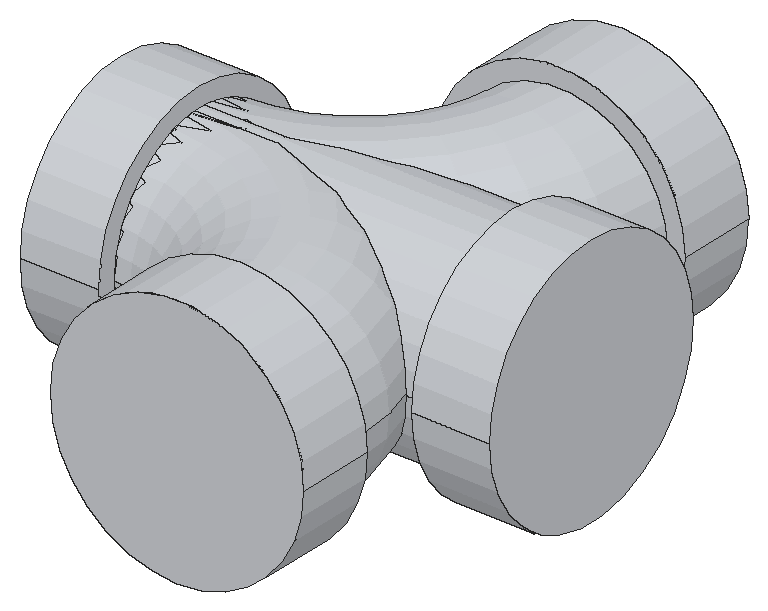
Revit family "f277dab67344472b8bc26386d9c3febf", category Pipe Fittings, Revit 2021
Family settings
  Round Connector Dimension = Use Radius
  Part Type = Cross
  OmniClass Number = 23.60.30.11.14
  OmniClass Title = Pipework Fittings
  Seek Item ID = Tee Double Sanitary - PVC - Sch 40 - DWV-0000-USA-ENU
  Work Plane-Based = No
  Always vertical = Yes
  Cut with Voids When Loaded = No
  Shared = No
Parameters (values of type "Standard")
  Wall Thickness [instance] = size_lookup(Lookup Table Name, "WThk", 0.02 * Nominal Diameter + 33/256", Nominal Diameter)  # 0.156"
  Tick Size [instance] = Fitting Outside Diameter * 0.4  # 0.76"
  Socket Outside Radius [instance] = Socket Outside Diameter / 2  # 1.1135"
  Socket Outside Diameter [instance] = Socket Entrance Diameter + Wall Thickness * 2  # 2.227"
  Socket Entrance Diameter [instance] = size_lookup(Lookup Table Name, "SED", 1.04 * Nominal Diameter + 95/256", Nominal Diameter)  # 1.915"
  Socket Depth [instance] = size_lookup(Lookup Table Name, "SDpt", 0.5 * Nominal Diameter, Nominal Diameter)  # 0.687"
  Socket Bottom to Socket Bottom Run [instance] = size_lookup(Lookup Table Name, "SBtSBR", 1.32 * Nominal Diameter + 233/256", Nominal Diameter)  # 2 3/4"
  Radius 4 [instance] = if(Length 9 = Socket Depth, Socket Outside Diameter / 2, Fitting Outside Radius)  # 1.1135"
  Radius 3 [instance] = if(Length 9 = Socket Depth, Socket Outside Radius, Fitting Outside Radius)  # 1.1135"
  Radius 2 [instance] = if(Length 8 = Socket Depth, Socket Outside Diameter / 2, Fitting Outside Radius)  # 1.1135"
  Radius 1 [instance] = if(Length 8 = Socket Depth, Socket Outside Radius, Fitting Outside Radius)  # 1.1135"
  Min Angle 12 [instance] = if(Angle 1 < Angle 2, Angle 1, Angle 2)  # 90.00°
  Loss Method = Not Defined
  Lookup Table Name = "Tee Double Sanitary - PVC - Sch 40 - DWV"
  Length 9 [instance] = if(Length 7 > Socket Outside Radius, Socket Depth, if((Socket Outside Radius * cos(Angle 2) + Socket Outside Radius - Length 5) / sin(Angle 2) > 1/8", (Socket Outside Radius * cos(Angle 2) + Socket Outside Radius - Length 5) / sin(Angle 2), 1/8"))  # 0.687"
  Length 8 [instance] = if(Length 6 > Socket Outside Radius, Socket Depth, if((Socket Outside Radius * cos(Angle 1) + Socket Outside Radius - Length 4) / sin(Angle 1) > 1/8", (Socket Outside Radius * cos(Angle 1) + Socket Outside Radius - Length 4) / sin(Angle 1), 1/8"))  # 0.687"
  Length 7 [instance] = Length 5 - Socket Outside Radius * cos(Angle 2)  # 1 3/4"
  Length 6 [instance] = Length 4 - Socket Outside Radius * cos(Angle 1)  # 1 3/4"
  Length 5 [instance] = Center Radius 2 * (1 - cos(Angle 2))  # 1 3/4"
  Length 4 [instance] = Center Radius 1 * (1 - cos(Angle 1))  # 1 3/4"
  Length 3 [instance] = if(Socket Bottom to Socket Bottom Run - Center to Socket Bottom Run > 1/8", Socket Bottom to Socket Bottom Run - Center to Socket Bottom Run, 1/8")  # 1"
  Length 2 [instance] = 0"  # constant formula
  Length 19 [instance] = if(Length 9 = Socket Depth, Socket Depth, Socket Depth + Length 9)  # 0.687"
  Length 18 [instance] = if(Length 8 = Socket Depth, Socket Depth, Socket Depth + Length 8)  # 0.687"
  Length 17 [instance] = Length 12 + 180"  # 181 3/4"
  Length 16 [instance] = Length 10 + 180"  # 181 3/4"
  Length 15 [instance] = if(Min Angle 12 < 90.00°, if(Center to Socket Bottom Branch Label + Length 3 > Length 14, Length 3, Length 14 - Center to Socket Bottom Branch Label), Length 3)  # 1"
  Length 14 [instance] = if(Length 10 > Length 12, Length 10 - cos(Angle 1) * Socket Depth + Socket Outside Radius * sin(Angle 1), Length 12 - cos(Angle 2) * Socket Depth + Socket Outside Radius * sin(Angle 2))  # 2.8635"
  Length 13 [instance] = if(Length 7 > Socket Outside Radius, Length 5 + Socket Depth * sin(Angle 2), Length 5 + (Length 9 + Socket Depth) * sin(Angle 2))  # 2.437"
  Length 12 [instance] = if(Length 7 > Socket Outside Radius, Center Radius 2 * sin(Angle 2) + Socket Depth * cos(Angle 2), Center Radius 2 * sin(Angle 2) + (Length 9 + Socket Depth) * cos(Angle 2))  # 1 3/4"
  Length 11 [instance] = if(Length 6 > Socket Outside Radius, Length 4 + Socket Depth * sin(Angle 1), Length 4 + (Length 8 + Socket Depth) * sin(Angle 1))  # 2.437"
  Length 10 [instance] = if(Length 6 > Socket Outside Radius, Center Radius 1 * sin(Angle 1) + Socket Depth * cos(Angle 1), Center Radius 1 * sin(Angle 1) + (Length 8 + Socket Depth) * cos(Angle 1))  # 1 3/4"
  Length 1 [instance] = if(Fitting Outside Radius * tan(Angle 1 / 2) > Fitting Outside Radius * tan(Angle 2 / 2), Fitting Outside Radius * tan(Angle 1 / 2), Fitting Outside Radius * tan(Angle 2 / 2))  # 0.95"
  Default Elevation = 0' - 0"
  Center Radius 1 [instance] = Center to Socket Bottom Branch Label / tan(Angle 1 / 2)  # 1 3/4"
  Nominal Radius [instance] = 3/4"
  Nominal Diameter [instance] = Nominal Radius * 2  # 1 1/2"
  Center Radius 2 [instance] = Center to Socket Bottom Branch Label / tan(Angle 2 / 2)  # 1 3/4"
  Center to Socket Bottom Branch Label [instance] = if(Length 1 < Center to Socket Bottom Branch, Center to Socket Bottom Branch, Length 1 + 1/8")  # 1 3/4"
  Fitting Outside Radius [instance] = Fitting Outside Diameter / 2  # 0.95"
  Fitting Outside Diameter [instance] = size_lookup(Lookup Table Name, "FOD", 1.04 * Nominal Diameter + 23/64", Nominal Diameter)  # 1.9"
  Center to Socket Bottom Run [instance] = Center to Socket Bottom Branch  # 1 3/4"
  Center to Socket Bottom Branch [instance] = size_lookup(Lookup Table Name, "CtSBB", 0.83 * Nominal Diameter + 73/128", Nominal Diameter)  # 1 3/4"
  Angle 2 [instance] = 90.00°
  Angle 1 [instance] = 90.00°
Reference planes (in)
  plane 1 "Center (Front/Back)": y = 0
  plane 2: z = 0
  plane 3 "Center (Left/Right)": x = 0
  plane 4: x = -1.75
  plane 5: y = 1.75
  plane 6: y = -1.75
  plane 7: x = -1.75
  plane 8: x = 1
  plane 9: x = -2.437
  plane 10: x = 1.687
  plane 11: x = -181.75
  plane 12: y = -2.437
  plane 13: x = 0
  plane 14: y = 2.437
  plane 15: x = 0
Forms (in)
  Sweep 1, solid, detail levels fine
    path in 3D
      loop
        arc (-1.75, 0, 0) -> (-0.51256, 0.51256, 0) -> (0, 1.75, 0) r 1.75
    profile origin (-0.51256, 0.51256, 0) x (-0.707107, 0.707107, 0) y (0, 0, 1)
      loop
        circle (0, 0) r 0.95
  Sweep 2, solid, detail levels fine
    path in 3D
      loop
        line (-2.437, 0, 0) -> (-1.75, 0, 0)
    profile origin (-2.0935, 0, 0) x (0, 1, 0) y (0, 0, 1)
      loop
        circle (0, 0) r 1.1135
  Sweep 3, solid, detail levels fine
    path in 3D
      loop
        line (1, 0, 0) -> (1.687, 0, 0)
    profile origin (1.3435, 0, 0) x (0, 1, 0) y (0, 0, 1)
      loop
        circle (0, 0) r 1.1135
  Blend 4, solid, detail levels fine
    base sketch origin (0, 0, 0) x (0, 1, 0) y (0, 0, 1)
      loop
        circle (0, 0) r 0.95
    top sketch origin (0, 0, 0) x (0, 1, 0) y (0, 0, 1)
      loop
        circle (0, 0) r 0.95
    from -1.75 to 1
  Sweep 5, solid, detail levels fine
    path in 3D
      loop
        line (0, 1.75, 0) -> (0, 2.437, 0)
    profile origin (0, 2.0935, 0) x (-1, 0, 0) y (0, 0, 1)
      loop
        circle (0, 0) r 1.1135
  Sweep 6, solid, detail levels fine
    path origin (0, 0, 0) x (1, 0, 0) y (0, 1, 0)
      loop
        line (0, 2.437) -> (0, 1.75)
    profile origin (0, 2.0935, 0) x (1, 0, 0) y (0, 0, 1)
      loop
        circle (0, 0) r 1.1135
  Sweep 7, solid, detail levels fine
    path in 3D
      loop
        arc (-1.75, 0, 0) -> (-0.51256, -0.51256, 0) -> (0, -1.75, 0) r 1.75
    profile origin (-0.51256, -0.51256, 0) x (0.707107, 0.707107, 0) y (0, 0, 1)
      loop
        circle (0, 0) r 0.95
  Sweep 8, solid, detail levels fine
    path in 3D
      loop
        line (0, -2.437, 0) -> (0, -1.75, 0)
    profile origin (0, -2.0935, 0) x (-1, 0, 0) y (0, 0, 1)
      loop
        circle (0, 0) r 0.95
  Sweep 9, solid, detail levels fine
    path origin (0, 0, 0) x (1, 0, 0) y (0, 1, 0)
      loop
        line (0, -2.437) -> (0, -1.75)
    profile origin (0, -2.0935, 0) x (-1, 0, 0) y (0, 0, 1)
      loop
        circle (0, 0) r 1.1135
Cuts and joins
  joined: Sweep 2, Sweep 3, Blend 4
  joined: Sweep 1, Sweep 5, Sweep 6
  joined: Sweep 7, Sweep 8, Sweep 9
Lines and regions (in)
  model lines, detail levels coarse+medium
    curve 1: arc (-1.75, 0, 0) -> (-0.51256, 0.51256, 0) -> (0, 1.75, 0) r 1.75
    curve 2: line (-1.75, 0, 0) -> (1, 0, 0)
    curve 4: line (0, 1.75, 0) -> (0, 2.437, 0)
    curve 5: line (-2.437, 0, 0) -> (-1.75, 0, 0)
    curve 7: line (1, 0, 0) -> (1.687, 0, 0)
    curve 9: line (-2.437, 0, 0) -> (-2.437, 0.76, 0)
    curve 10: line (-2.437, 0, 0) -> (-2.437, -0.76, 0)
    curve 11: line (1.687, 0, 0) -> (1.687, 0.76, 0)
    curve 12: line (1.687, 0, 0) -> (1.687, -0.76, 0)
    curve 14: line (0, 2.437, 0) -> (0.76, 2.437, 0)
    curve 15: line (0, 2.437, 0) -> (-0.76, 2.437, 0)
    curve 18: arc (-1.75, 0, 0) -> (-0.51256, -0.51256, 0) -> (0, -1.75, 0) r 1.75
    curve 19: line (0, -2.437, 0) -> (0, -1.75, 0)
    curve 22: line (0, -2.437, 0) -> (0.76, -2.437, 0)
    curve 23: line (0, -2.437, 0) -> (-0.76, -2.437, 0)
  sketch lines
    curve 3: arc (-1.75, 0, 0) -> (-0.51256, 0.51256, 0) -> (0, 1.75, 0) r 1.75
    curve 6: line (-2.437, 0, 0) -> (-1.75, 0, 0)
    curve 8: line (1, 0, 0) -> (1.687, 0, 0)
    curve 13: line (0, 1.75, 0) -> (0, 2.437, 0)
    curve 20: arc (-1.75, 0, 0) -> (-0.51256, -0.51256, 0) -> (0, -1.75, 0) r 1.75
    curve 21: line (0, -2.437, 0) -> (0, -1.75, 0)
  reference lines
    curve 16: line (-2.437, 0, 0) -> (-1.75, 0, 0)
    curve 17: line (0, 2.437, 0) -> (0, 1.75, 0)
Dimensions and locks (in)
  "Center to Socket Bottom Branch Label": plane 4 to plane 3 "Center (Left/Right)"
  "Center Radius 2": plane 5 to plane 1 "Center (Front/Back)"
  "Center Radius 1": plane 6 to plane 1 "Center (Front/Back)"
  "Length 19": curve 4 to curve 4
  "Socket Depth": plane 10 to plane 8
  "Socket Depth": plane 9 to plane 7
  "Length 2": plane 7 to plane 4
  "Length 15": plane 3 "Center (Left/Right)" to plane 8
  "Tick Size": plane 1 "Center (Front/Back)" to curve 9
  "Tick Size": curve 10 to plane 1 "Center (Front/Back)"
  equal spacing: curve 12, plane 1 "Center (Front/Back)", curve 11
  "Tick Size": curve 12 to plane 1 "Center (Front/Back)"
  "Length 11": plane 12 to plane 1 "Center (Front/Back)"
  "Length 13": plane 14 to plane 1 "Center (Front/Back)"
  "Tick Size": curve 14 to curve 14
  "Tick Size": curve 15 to curve 15
  locked: plane 11 to plane 4 at 180
  "Length 17": plane 11 to plane 15
  "Length 16": plane 11 to plane 13
  "Socket Depth": Sweep 6 sketch curve to Sweep 6 sketch curve
  "Length 18": curve 19 to curve 19
  "Socket Depth": Sweep 9 sketch curve to Sweep 9 sketch curve
  "Tick Size": curve 22 to curve 22
  "Tick Size": curve 23 to curve 23
  "Center Radius 2": radius of curve 1
  "Fitting Outside Radius": radius of Sweep 1 sketch curve
  "Socket Outside Radius": radius of Sweep 2 sketch curve
  "Socket Outside Radius": radius of Sweep 3 sketch curve
  "Fitting Outside Radius": radius of Blend 4 sketch curve  (x2)
  "Radius 3": radius of Sweep 5 sketch curve
  "Socket Outside Radius": radius of Sweep 6 sketch curve
  "Fitting Outside Radius": radius of Sweep 7 sketch curve
  "Fitting Outside Radius": radius of Sweep 8 sketch curve
  "Socket Outside Radius": radius of Sweep 9 sketch curve
  "Angle 2": angle curve 1 to curve 1
  "Angle 2": angle plane 1 "Center (Front/Back)" to curve 4
  "Angle 2": angle plane 15 to curve 14
  "Angle 2": angle plane 15 to curve 15
  "Angle 2": angle plane 14 to curve 17
  "Angle 2": angle plane 14 to Sweep 6 sketch curve
  "Angle 1": angle curve 18 to curve 18
  "Angle 1": angle curve 19 to plane 12
  "Angle 1": angle Sweep 9 sketch curve to plane 12
  locked: curve 22 to curve 19 (angle 90.00°)
  locked: curve 19 to curve 23 (angle 90.00°)
  aligned and locked: plane 1 "Center (Front/Back)" to curve 2
  aligned and locked: level to Sweep 1 sketch curve
  aligned and locked: plane 1 "Center (Front/Back)" to curve 5
  aligned and locked: plane 9 to curve 5
  aligned and locked: plane 1 "Center (Front/Back)" to curve 7
  aligned and locked: plane 8 to curve 7
  aligned and locked: plane 10 to curve 7
  aligned and locked: plane 7 to curve 5
  aligned and locked: level to Blend 4 sketch curve  (x2)
  aligned and locked: plane 1 "Center (Front/Back)" to Blend 4 sketch curve  (x2)
  aligned and locked: Blend 4 to plane 7
  aligned and locked: plane 8 to Blend 4
  aligned and locked: plane 9 to curve 16
  aligned and locked: plane 1 "Center (Front/Back)" to curve 16
  aligned and locked: plane 14 to curve 17
  aligned and locked: plane 15 to curve 17
  aligned and locked: plane 14 to Sweep 6 sketch curve
  aligned and locked: plane 15 to Sweep 6 sketch curve
  aligned and locked: plane 4 to curve 18
  aligned and locked: plane 13 to curve 19
  aligned and locked: plane 12 to Sweep 9 sketch curve
  aligned and locked: plane 13 to Sweep 9 sketch curve
  aligned and locked: plane 12 to curve 23
Automatic sketch dimensions
  curve 1 to plane 4 = 0' - 0"
  curve 16 to plane 4 = 0' - 0"
  Sweep 1 sketch curve to profile plane = 0' - 0"
  Sweep 2 sketch curve to profile plane = 0' - 0"  (x2)
  Sweep 3 sketch curve to profile plane = 0' - 0"  (x2)
  Sweep 5 sketch curve to profile plane = 0' - 0"  (x2)
  Sweep 6 sketch curve to level = 0' - 0"
  profile plane to Sweep 6 sketch curve = 0' - 0"
  Sweep 7 sketch curve to profile plane = 0' - 0"  (x2)
  Sweep 8 sketch curve to profile plane = 0' - 0"  (x2)
  Sweep 9 sketch curve to level = 0' - 0"
  Sweep 9 sketch curve to profile plane = 0' - 0"
Connectors (in)
  piping at (-2.437, 0, 0), diameter 1.5, driven by "Nominal Radius"
    settings: on Sweep 2, index 1, connector inside diameter 1 1/2", connector length 0' - 0", flow factor 0, pipe flow 0 GPM, pressure drop 0.00 psi, fitting loss kfactor 0, connector angle 0.00°, fixture units 0, engagement length 0' - 0", angle of deflection 0.00°, flow configuration 0, flow direction 0, fitting loss method 0, system type 28, joint type 0, gender type 0, connector reference index 2, connector utility 0, adjustable connector no, is connector primary yes, connector description ""
  piping at (1.687, 0, 0), diameter 1.5, driven by "Nominal Radius"
    settings: on Sweep 3, index 2, connector inside diameter 1 1/2", connector length 0' - 0", flow factor 0, pipe flow 0 GPM, pressure drop 0.00 psi, fitting loss kfactor 0, connector angle 0.00°, fixture units 0, engagement length 0' - 0", angle of deflection 0.00°, flow configuration 0, flow direction 0, fitting loss method 0, system type 28, joint type 0, gender type 0, connector reference index 1, connector utility 0, adjustable connector no, is connector primary no, connector description ""
  piping at (0, 2.437, 0), diameter 1.5, driven by "Angle 2", driven by "Nominal Radius"
    settings: on cut or joined group of Sweep 1, Sweep 5, Sweep 6, index 4, connector inside diameter 1 1/2", connector length 0' - 0", flow factor 0, pipe flow 0 GPM, pressure drop 0.00 psi, fitting loss kfactor 0, connector angle 90.00°, fixture units 0, engagement length 0' - 0", angle of deflection 0.00°, flow configuration 0, flow direction 0, fitting loss method 0, system type 28, joint type 0, gender type 0, connector reference index -1, connector utility 0, adjustable connector no, is connector primary no, connector description ""
  piping at (0, -2.437, 0), diameter 1.5, driven by "Nominal Radius", driven by "Angle 1"
    settings: on cut or joined group of Sweep 7, Sweep 8, Sweep 9, index 5, connector inside diameter 1 1/2", connector length 0' - 0", flow factor 0, pipe flow 0 GPM, pressure drop 0.00 psi, fitting loss kfactor 0, connector angle 90.00°, fixture units 0, engagement length 0' - 0", angle of deflection 0.00°, flow configuration 0, flow direction 0, fitting loss method 0, system type 28, joint type 0, gender type 0, connector reference index -1, connector utility 0, adjustable connector no, is connector primary no, connector description ""
